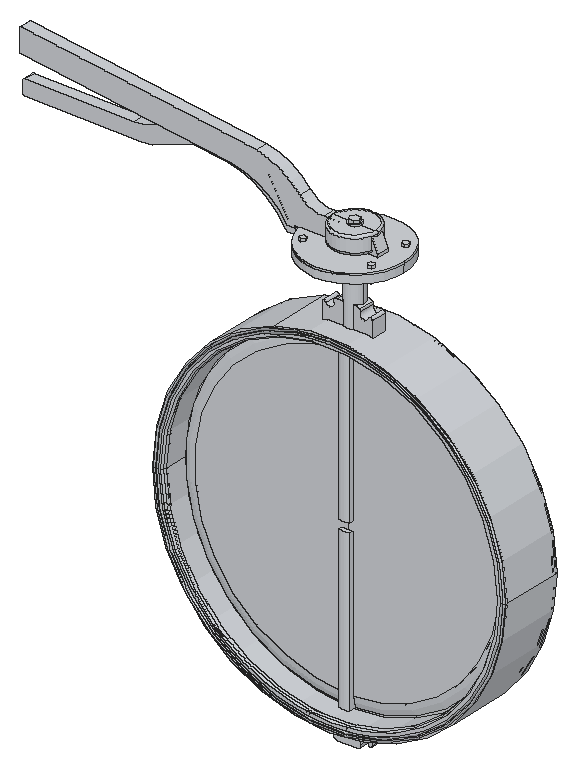
Revit family "R59WX030", category Plumbing Fixtures, Revit 2015
Reference planes
  plane 1 "Center (Front/Back)": y = 0
  plane 2: z = 0
  plane 3 "Center (Left/Right)": x = 0
  plane 4: z = 312
  plane 5: x = -416
  plane 6: z = 414
  plane 7: z = -230
  plane 8: z = -30
  plane 9: z = 342
  plane 10: z = -30
  plane 11: y = -39.988
  plane 12: y = 39.512
  plane 13: x = -28.994
Forms (mm)
  Extrusion 1, solid
    sketch origin (0, 0, 302) x (1, 0, 0) y (0, 1, 0)
      loop
        circle (0, 0) r 62.5
    from 0 to 10
  Extrusion 2, solid
    sketch origin (0, 0, -76.95) x (1, 0, 0) y (0, 1, 0)
      loop
        circle (0, 0) r 12
    from 295.182 to 378.95
  Revolve 3, solid
    sketch origin (0, 0, 0) x (0, 1, 0) y (0, 0, 1)
      loop
        line (11.11, 0) -> (-11.11, 0) -> (-11.11, -193.677)
        arc (-11.11, -193.677) -> (-10.235, -200.828) -> (-8, -207.677) r 37.242
        line (-8, -207.677) -> (-6, -207.677) -> (-6, -210.677) -> (0, -210.677) -> (6, -210.677) -> (6, -207.677) -> (8, -207.677)
        arc (8, -207.677) -> (10.235, -200.828) -> (11.11, -193.677) r 37.242
        line (11.11, -193.677) -> (11.11, 0)
      axis (11.11, 0) -> (-11.11, 0)
    angle from 0 to 360
  Blend 4, solid
    base sketch origin (0, 0, -4.163) x (1, 0, 0) y (0, 1, 0)
      loop
        line (-6.883, 16.4) -> (-6.883, -16.4)
        arc (-6.883, -16.4) -> (0, -18.078) -> (6.883, -16.4) r 14.953
        line (6.883, -16.4) -> (6.883, 16.4)
        arc (6.883, 16.4) -> (0, 18.078) -> (-6.883, 16.4) r 14.953
    top sketch origin (0, 0, 0) x (1, 0, 0) y (0, 1, 0)
      loop
        line (-6.883, 16.4) -> (-6.883, -16.4)
        arc (-6.883, -16.4) -> (0, -18.078) -> (6.883, -16.4) r 14.953
        line (6.883, -16.4) -> (6.883, 16.4)
        arc (6.883, 16.4) -> (0, 18.078) -> (-6.883, 16.4) r 14.953
    from 10.163 to 207.645
  Blend 5, solid
    base sketch origin (0, 0, -38.601) x (0, -1, 0) y (1, 0, 0)
      loop
        line (-16.4, -6.883) -> (16.4, -6.883)
        arc (16.4, -6.883) -> (18.078, 0) -> (16.4, 6.883) r 14.953
        line (16.4, 6.883) -> (-16.4, 6.883)
        arc (-16.4, 6.883) -> (-18.078, 0) -> (-16.4, -6.883) r 14.953
    top sketch origin (0, 0, -35.117) x (0, -1, 0) y (1, 0, 0)
      loop
        line (-16.4, -6.883) -> (16.4, -6.883)
        arc (16.4, -6.883) -> (18.078, 0) -> (16.4, 6.883) r 14.953
        line (16.4, 6.883) -> (-16.4, 6.883)
        arc (-16.4, 6.883) -> (-18.078, 0) -> (-16.4, -6.883) r 14.953
    from -168.975 to 29.117
  Extrusion 6, solid
    sketch origin (80.376, -27.447, 314) x (0, -1, 0) y (1, 0, 0)
      loop
        line (3.99, -123.113) -> (0.805, -120.344) -> (-3.184, -121.718) -> (-3.99, -125.86) -> (-0.805, -128.628) -> (3.184, -127.254) -> (3.99, -123.113)
    from 0 to 3
  Extrusion 7, solid
    sketch origin (80.376, -27.447, 294) x (0, -1, 0) y (1, 0, 0)
      loop
        circle (0, -124.486) r 3
    from 2.505 to 20
  Extrusion 8, solid
    sketch origin (80.376, -27.447, 301) x (0, -1, 0) y (1, 0, 0)
      loop
        line (3.99, -123.113) -> (0.805, -120.344) -> (-3.184, -121.718) -> (-3.99, -125.86) -> (-0.805, -128.628) -> (3.184, -127.254) -> (3.99, -123.113)
      loop
        line (-3.444, -125.672) -> (-0.695, -128.061) -> (2.749, -126.876) -> (3.444, -123.301) -> (0.695, -120.911) -> (-2.749, -122.097) -> (-3.444, -125.672)
    from -1.968 to 1
  Extrusion 9, solid, not visible
    sketch origin (26.117, -96.518, 104.233) x (0, -1, 0) y (1, 0, 0)
      loop
        line (3.99, -123.113) -> (0.805, -120.344) -> (-3.184, -121.718) -> (-3.99, -125.86) -> (-0.805, -128.628) -> (3.184, -127.254) -> (3.99, -123.113)
    from 0 to 3
  Extrusion 10, solid, not visible
    sketch origin (26.117, -96.518, 84.233) x (0, -1, 0) y (1, 0, 0)
      loop
        circle (0, -124.486) r 3
    from 2.505 to 20
  Extrusion 11, solid, not visible
    sketch origin (26.117, -96.518, 91.233) x (0, -1, 0) y (1, 0, 0)
      loop
        line (3.99, -123.113) -> (0.805, -120.344) -> (-3.184, -121.718) -> (-3.99, -125.86) -> (-0.805, -128.628) -> (3.184, -127.254) -> (3.99, -123.113)
      loop
        line (-3.444, -125.672) -> (-0.695, -128.061) -> (2.749, -126.876) -> (3.444, -123.301) -> (0.695, -120.911) -> (-2.749, -122.097) -> (-3.444, -125.672)
    from -1.968 to 1
  Extrusion 12, solid
    sketch origin (0, 0, 312) x (1, 0, 0) y (0, 1, 0)
      loop
        circle (0, 0) r 62.5
    from 0 to 2
  Extrusion 13, solid
    sketch origin (80.376, -27.447, 314) x (0, -1, 0) y (1, 0, 0)
      loop
        line (-58.884, -123.113) -> (-58.079, -127.254) -> (-54.09, -128.628) -> (-50.905, -125.86) -> (-51.71, -121.718) -> (-55.7, -120.344) -> (-58.884, -123.113)
    from 0 to 3
  Extrusion 14, solid
    sketch origin (80.376, -27.447, 294) x (0, -1, 0) y (1, 0, 0)
      loop
        circle (-54.895, -124.486) r 3
    from 2.505 to 20
  Extrusion 15, solid
    sketch origin (80.376, -27.447, 301) x (0, -1, 0) y (1, 0, 0)
      loop
        line (-58.884, -123.113) -> (-58.079, -127.254) -> (-54.09, -128.628) -> (-50.905, -125.86) -> (-51.71, -121.718) -> (-55.7, -120.344) -> (-58.884, -123.113)
      loop
        line (-51.451, -125.672) -> (-52.146, -122.097) -> (-55.59, -120.911) -> (-58.339, -123.301) -> (-57.644, -126.876) -> (-54.2, -128.061) -> (-51.451, -125.672)
    from -1.968 to 1
  Extrusion 16, solid
    sketch origin (-81.626, 27.447, 314) x (0, 1, 0) y (-1, 0, 0)
      loop
        line (-58.884, -123.113) -> (-58.079, -127.254) -> (-54.09, -128.628) -> (-50.905, -125.86) -> (-51.71, -121.718) -> (-55.7, -120.344) -> (-58.884, -123.113)
    from 0 to 3
  Extrusion 17, solid
    sketch origin (-81.626, 27.447, 294) x (0, 1, 0) y (-1, 0, 0)
      loop
        circle (-54.895, -124.486) r 3
    from 2.505 to 20
  Extrusion 18, solid
    sketch origin (-81.626, 27.447, 301) x (0, 1, 0) y (-1, 0, 0)
      loop
        line (-58.884, -123.113) -> (-58.079, -127.254) -> (-54.09, -128.628) -> (-50.905, -125.86) -> (-51.71, -121.718) -> (-55.7, -120.344) -> (-58.884, -123.113)
      loop
        line (-51.451, -125.672) -> (-52.146, -122.097) -> (-55.59, -120.911) -> (-58.339, -123.301) -> (-57.644, -126.876) -> (-54.2, -128.061) -> (-51.451, -125.672)
    from -1.968 to 1
  Extrusion 19, solid
    sketch origin (-81.626, 27.447, 314) x (0, 1, 0) y (-1, 0, 0)
      loop
        line (3.99, -123.113) -> (0.805, -120.344) -> (-3.184, -121.718) -> (-3.99, -125.86) -> (-0.805, -128.628) -> (3.184, -127.254) -> (3.99, -123.113)
    from 0 to 3
  Extrusion 20, solid
    sketch origin (-81.626, 27.447, 294) x (0, 1, 0) y (-1, 0, 0)
      loop
        circle (0, -124.486) r 3
    from 2.505 to 20
  Extrusion 21, solid
    sketch origin (-81.626, 27.447, 301) x (0, 1, 0) y (-1, 0, 0)
      loop
        line (3.99, -123.113) -> (0.805, -120.344) -> (-3.184, -121.718) -> (-3.99, -125.86) -> (-0.805, -128.628) -> (3.184, -127.254) -> (3.99, -123.113)
      loop
        line (-3.444, -125.672) -> (-0.695, -128.061) -> (2.749, -126.876) -> (3.444, -123.301) -> (0.695, -120.911) -> (-2.749, -122.097) -> (-3.444, -125.672)
    from -1.968 to 1
  Extrusion 22, solid
    sketch origin (125.063, -27.447, 339.144) x (0, -1, 0) y (1, 0, 0)
      loop
        line (-32.638, -122.069) -> (-32.638, -128.062) -> (-27.447, -131.059) -> (-22.257, -128.062) -> (-22.257, -122.069) -> (-27.447, -119.072) -> (-32.638, -122.069)
    from -1.014 to 2.856
  Extrusion 23, solid
    sketch origin (124.477, -54.895, 334.2) x (0, -1, 0) y (1, 0, 0)
      loop
        circle (-54.895, -124.486) r 8
    from -22.2 to 3.931
  Sweep 24, solid
    path origin (0, 0, 0) x (1, 0, 0) y (0, 0, 1)
      loop
        circle (0, 0) r 224
    profile origin (0, 0, -224) x (0, 0, 1) y (0, -1, 0)
      loop
        line (0, 39.988) -> (0, -39.512) -> (1.687, -39.512)
        arc (1.687, -39.512) -> (2.701, -40.526) -> (3.714, -39.512) r 1.014
        line (3.714, -39.512) -> (4.987, -39.512)
        arc (4.987, -39.512) -> (6.001, -40.526) -> (7.015, -39.512) r 1.014
        line (7.015, -39.512) -> (10.888, -39.512) -> (12.517, -37.17) -> (13.454, -33.673) -> (13.454, 34.149) -> (12.517, 37.646) -> (10.888, 39.988) -> (7.015, 39.988)
        arc (7.015, 39.988) -> (6.001, 41.002) -> (4.987, 39.988) r 1.014
        line (4.987, 39.988) -> (3.714, 39.988)
        arc (3.714, 39.988) -> (2.701, 41.002) -> (1.687, 39.988) r 1.014
        line (1.687, 39.988) -> (0, 39.988)
  Revolve 25, solid
    sketch origin (0, 0, 172) x (1, 0, 0) y (0, 0, 1)
      loop
        line (-26.486, 143.746) -> (0, 143.746) -> (0, 165) -> (-26.486, 165)
        arc (-26.486, 165) -> (-28.259, 164.265) -> (-28.994, 162.492) r 2.508
        line (-28.994, 162.492) -> (-28.994, 146.254)
        arc (-28.994, 146.254) -> (-28.259, 144.481) -> (-26.486, 143.746) r 2.508
      axis (0, 143.746) -> (0, 165)
    angle from 0 to 360
  Sweep 26, solid
    path origin (-0.002, 0, 0) x (1, 0, 0) y (0, 0, 1)
      loop
        circle (0, 0) r 224
    profile origin (-0.002, 0, -224) x (0, 0, 1) y (0, -1, 0)
      loop
        line (0, 39.988) -> (0, -39.512) -> (3.944, -39.512) -> (3.944, 39.988) -> (0, 39.988)
  Extrusion 27, solid
    sketch origin (16.156, 45.323, 30.718) x (1, 0, 0) y (0, 0, 1)
      loop
        arc (-48.783, 305.574) -> (-65.384, 309.172) -> (-79.007, 319.319) r 40.102
        arc (-79.007, 319.319) -> (-103.619, 339.76) -> (-133.424, 351.389) r 100.074
        line (-133.424, 351.389) -> (-432.33, 385.994)
        arc (-432.33, 385.994) -> (-432.804, 385.844) -> (-433.008, 385.39) r 0.608
        line (-433.008, 385.39) -> (-433.008, 356.181) -> (-167.596, 325.454)
        arc (-167.596, 325.454) -> (-125.893, 310.838) -> (-94.664, 279.573) r 99.286
        line (-94.664, 279.573) -> (-84.664, 279.573) -> (-84.664, 282.573) -> (19.968, 282.573) -> (19.968, 285.73) -> (11.957, 303.723)
        arc (11.957, 303.723) -> (11.164, 304.844) -> (10.002, 305.574) r 3.509
        line (10.002, 305.574) -> (-48.783, 305.574)
    from 37.966 to 54.11
  Extrusion 28, solid
    sketch origin (-96.627, 45.323, -23.796) x (1, 0, 0) y (0, 0, 1)
      loop
        line (-177.106, 382.301) -> (-314.714, 382.301)
        arc (-314.714, 382.301) -> (-315.986, 381.806) -> (-316.641, 380.609) r 1.995
        line (-316.641, 380.609) -> (-316.641, 365.458)
        arc (-316.641, 365.458) -> (-315.986, 364.261) -> (-314.714, 363.766) r 1.995
        line (-314.714, 363.766) -> (-165.969, 363.766)
        arc (-165.969, 363.766) -> (-159.476, 364.161) -> (-153.041, 365.112) r 75.785
        line (-153.041, 365.112) -> (-102.034, 383.677) -> (-60.442, 378.862)
        arc (-60.442, 378.862) -> (-16.505, 362.956) -> (15.663, 329.062) r 101.578
        arc (15.663, 329.062) -> (17.206, 327.09) -> (19.597, 326.344) r 4.207
        line (19.597, 326.344) -> (28.119, 326.344) -> (28.119, 337.087) -> (23.361, 337.087)
        arc (23.361, 337.087) -> (21.253, 337.654) -> (19.712, 339.201) r 4.207
        line (19.712, 339.201) -> (-9.321, 389.817)
        arc (-9.321, 389.817) -> (-17.422, 397.083) -> (-27.819, 400.293) r 25.399
        line (-27.819, 400.293) -> (-121.464, 408.132)
        arc (-121.464, 408.132) -> (-146.554, 389.335) -> (-177.106, 382.301) r 75.785
    from 38.356 to 53.486
  Extrusion 29, solid
    sketch origin (-3.688, -0.332, 169.059) x (1, 0, 0) y (0, 0, 1)
      loop
        arc (18.871, 79.288) -> (16.77, 80.589) -> (14.565, 81.703) r 28.535
        line (14.565, 81.703) -> (-8.94, 81.703)
        arc (-8.94, 81.703) -> (-11.147, 80.588) -> (-13.249, 79.287) r 28.535
        arc (-13.249, 79.287) -> (-14.145, 78.006) -> (-14.03, 76.455) r 2.274
        arc (-14.03, 76.455) -> (-16.841, 69.087) -> (-24.079, 72.217) r 5.458
        arc (-24.079, 72.217) -> (-26.836, 73.974) -> (-28.974, 71.501) r 2.5
        line (-28.974, 71.501) -> (-28.974, 50.421)
        arc (-28.974, 50.421) -> (2.813, 53.196) -> (34.596, 50.384) r 182.243
        line (34.596, 50.384) -> (34.596, 71.501)
        arc (34.596, 71.501) -> (32.458, 73.974) -> (29.701, 72.217) r 2.5
        arc (29.701, 72.217) -> (22.463, 69.087) -> (19.652, 76.455) r 5.458
        arc (19.652, 76.455) -> (19.767, 78.006) -> (18.871, 79.288) r 2.274
    from -9.388 to 9.974
  Extrusion 30, solid
    sketch origin (-3.688, -0.332, -169.638) x (1, 0, 0) y (0, 0, 1)
      loop
        arc (18.871, -79.288) -> (19.767, -78.006) -> (19.652, -76.455) r 2.274
        arc (19.652, -76.455) -> (22.463, -69.087) -> (29.701, -72.217) r 5.458
        arc (29.701, -72.217) -> (32.458, -73.974) -> (34.596, -71.501) r 2.5
        line (34.596, -71.501) -> (34.596, -50.384)
        arc (34.596, -50.384) -> (2.813, -53.196) -> (-28.974, -50.421) r 182.243
        line (-28.974, -50.421) -> (-28.974, -71.501)
        arc (-28.974, -71.501) -> (-26.836, -73.974) -> (-24.079, -72.217) r 2.5
        arc (-24.079, -72.217) -> (-16.841, -69.087) -> (-14.03, -76.455) r 5.458
        arc (-14.03, -76.455) -> (-14.145, -78.006) -> (-13.249, -79.287) r 2.274
        arc (-13.249, -79.287) -> (-11.147, -80.588) -> (-8.94, -81.703) r 28.535
        line (-8.94, -81.703) -> (14.565, -81.703)
        arc (14.565, -81.703) -> (16.77, -80.589) -> (18.871, -79.288) r 28.535
    from -9.388 to 9.974
Dimensions and locks
  plane 2 to plane 4 = 312 mm
  plane 3 "Center (Left/Right)" to plane 5 = 416 mm
  level to plane 6 = 414 mm
  plane 7 to level = 230 mm
  locked: plane 4 to plane 9 at 30
  plane 12 to plane 11 = 79.5 mm
  aligned and locked: level to plane 2
